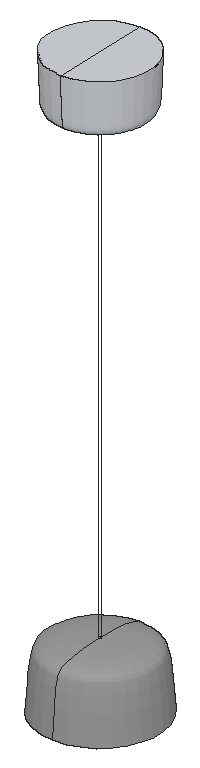
Revit family "Motus Pendant 180 BL 700 DALI 830 C2_Unhosted", category Lighting Fixtures, Revit 2016
Family settings
  Part Type = Normal
  Round Connector Dimension = Use Diameter
  OmniClass Number = 23.80.70.00
  OmniClass Title = Lighting
  Work Plane-Based = No
  Always vertical = Yes
  Cut with Voids When Loaded = No
  Light Source = Yes
  Shared = No
  Room Calculation Point = No
Parameters
  Wiring Accessories = ""
  Wattage Comments = ""
  Wattage = 7 W
  VoltageMax = 240 V
  built-in parameter 1150110 = 1 (stored number, unit not read)
  Voltage = 100 V
  UpdateDate = "02.03.2021 13:22:52"
  URL UK = "http://glamox.com/uk/products/Motus-Pendant"
  URL Sweden = "http://glamox.com/se/produkter/Motus-Pendant/items/MOT536695"
  URL Russia = "http://glamox.com/ru/products/Motus-Pendant/items/MOT536695"
  URL Other = "http://glamox.com/gsx/products/Motus-Pendant/items/MOT536695"
  URL Norway = "http://glamox.com/no/produkter/Motus-Pendant/items/MOT536695"
  URL Ireland = "http://glamox.com/ie/products/Motus-Pendant"
  URL Germany = "http://glamox.com/de/products/Motus-Pendant/items/MOT536695"
  URL Finland = "http://glamox.com/fi/products/Motus-Pendant/items/MOT536695"
  URL Estonia = "http://glamox.com/ee/products/Motus-Pendant"
  URL Denmark = "http://glamox.com/dk/produkter/Motus-Pendant/items/MOT536695"
  URL = ""
  TypeOfEmergency = ""
  TypeOfBallast = "DALI"
  TotalWattage = 7 W
  Total Load = 7 W
  built-in parameter 1114217 = 1 (stored number, unit not read)
  Tilt Angle = 90.00°
  Termination = ""
  built-in parameter 1150109 = 1 (stored number, unit not read)
  built-in parameter 1150134 = 3
  built-in parameter 1150113 = 1 (stored number, unit not read)
  Specification = "Architectural luminaries, for Pendant mounting, circular with diameter 180mm, IP20, light source LED, lumen out 648lm, ballast type DALI."
  Remark = ""
  RatedVoltage = 100 V
  Radius1 = 75 mm
  Radius = Diameter / 2  # 90 mm
  PowerFactor = 98.00%
  Power Factor = 0.98
  Plug Type = ""
  Photometric Web File = "MOTUS-PENDANT-180-700-830.ies"
  Optic = ""
  Number of Poles = 1
  NominalFrequencyRange = 50 Hz
  ModelReference = "Motus Pendant"
  ModelLabel = "Motus Pendant 180 BL 700 DALI 830 C2"
  Maximum TA = 25
  MaintenanceFactor = 0
  MFArtNo = "MOT536695"
  built-in parameter 1150105 = 51.566 (stored number, unit not read)
  Lumens = 648 lm
  built-in parameter 1150115 = 1 (stored number, unit not read)
  LumDiameter = 180 mm
  Load Classification [instance] = Lighting
  LightFixturePlacingType = "CEILING"
  LightFixtureMountingType = "SUSPENDED"
  built-in parameter 1150137 = (empty or 0)
  built-in parameter 1150139 = (empty or 0)
  LampBase = ""
  Lamp Wattage Comments = ""
  built-in parameter 1150112 = 1 (stored number, unit not read)
  built-in parameter 1150114 = 1 (stored number, unit not read)
  built-in parameter 1150132 = (empty or 0)
  built-in parameter 1150102 = (empty or 0)
  built-in parameter 1150107 = 3200 (stored number, unit not read)
  built-in parameter 1150138 = (empty or 0)
  built-in parameter 1150106 = 0.51566 (stored number, unit not read)
  IP_Code = "20"
  IPClass = "20"
  IK_Code = ""
  IFC Classification = "Light Fixture"
  Height = 100 mm
  GlobalTradeItemNumber = "4741145366953"
  Glamox Mounting = "Pendant"
  Glamox Family = "Motus Pendant"
  Glamox Category = "Architectural"
  FrequencyMax = 60 Hz
  Frequency = 50 Hz
  Expired = "0"
  Emit from Circle Diameter = Diameter - 15 mm  # 165 mm
  Emit Shape Visible in Rendering = yes
  built-in parameter 1150104 = 8.6002 (stored number, unit not read)
  ELNo Norway = ""
  ELNo Finland = ""
  EANNo = "4741145366953"
  DurationInBatteryMode = ""
  DistanceFromCeiling = 900 mm
  Dimming Lamp Color Temperature Shift = <None>
  Decor visible = yes
  Model = "A50 57HF TC-TEL"
  Manufacturer = "Glamox"
  Lamp = "LED"
  Description = "Motus Pendant 180 BL 700 DALI 830 C2"
  Cut Out = ""
  Completion = ""
  Color Filter = 16777215
  Glamox Metal = Glamox Metal
  Diameter = 180 mm
  Body Material and Colour = none
  built-in parameter 1114218 = 1 (stored number, unit not read)
  built-in parameter 1150133 = 10 (stored number, unit not read)
  Assembly Code = ""
  ArticleNumber = "MOT536695"
  Apparent Load = Total Load / Power Factor  # 7.14286 VA
Reference planes
  plane 1 "Light Source Axis (F/B)": y = 108.961
  plane 2: z = 0
  plane 3 "Light Source Axis (L/R)": x = 3.006
  plane 4 "Light Source Elevation": z = 0
  plane 5 "Top": z = 100
  plane 6: z = 900
  plane 7: z = 821
  plane 8: y = 183.961
  plane 9: y = 198.961
Forms (mm)
  Revolve 1, solid
    sketch origin (3.006, 0, 0) x (0, 1, 0) y (0, 0, 1)
      loop
        line (108.961, 900) -> (108.961, 821)
        spline (108.961, 821) -> (127.46, 821) -> (140.196, 821) -> (150.536, 821) -> (160.773, 821.132) -> (169.884, 821.935) -> (176.26, 824.024) -> (179.593, 827.953) -> (180.948, 834.21) -> (181.45, 843.284) -> (181.943, 856.087) -> (182.708, 874.374) -> (183.961, 900)
        line (183.961, 900) -> (108.961, 900)
      axis (108.961, 900) -> (108.961, 821)
    angle from 0 to 360
  Revolve 2, solid
    sketch origin (3.006, 0, 0) x (0, 1, 0) y (0, 0, 1)
      loop
        line (108.961, 100) -> (108.961, 0) -> (198.961, 0)
        spline (198.961, 0) -> (197.649, 18.576) -> (196.542, 33.197) -> (195.46, 45.391) -> (194.298, 56.091) -> (193.121, 64.89) -> (192.005, 71.332) -> (190.902, 76.354) -> (189.639, 81.682) -> (185.984, 87.862) -> (174.848, 93.79) -> (150.939, 98.244) -> (108.961, 100)
      axis (108.961, 100) -> (108.961, 0)
    angle from 0 to 360
  Extrusion 3, solid, material "Glamox Glass Mat"
    sketch origin (0, 0, 0) x (0, -1, 0) y (1, 0, 0)
      loop
        circle (-108.961, 3.006) r 2.01
    from 100 to 821
Lines and regions (mm)
  symbolic lines
    curve 1: arc (3.006, 198.961, 0) -> (93.006, 108.961, 0) -> (3.006, 18.961, 0) r 90
    curve 2: arc (3.006, 18.961, 0) -> (-86.994, 108.961, 0) -> (3.006, 198.961, 0) r 90
    curve 3: circle (3.006, 108.961, 0) r 10 normal (0, 0, -1)
    curve 4: line (3.006, 108.961, 0) -> (66.646, 172.6, 0)
    curve 5: line (3.006, 108.961, 0) -> (66.646, 45.321, 0)
    curve 6: line (3.006, 108.961, 0) -> (-60.634, 45.321, 0)
    curve 7: line (3.006, 108.961, 0) -> (-60.634, 172.6, 0)
Dimensions and locks
  locked: plane 5 "Top" to level at 100
  locked: plane 8 to plane 1 "Light Source Axis (F/B)" at 75
  locked: plane 6 to plane 7 at 79
  "DistanceFromCeiling": plane 6 to level
  "Radius": plane 9 to plane 1 "Light Source Axis (F/B)"
  locked: plane 1 "Light Source Axis (F/B)" to curve 4 (angle 45.00°)
  locked: curve 5 to plane 1 "Light Source Axis (F/B)" (angle 45.00°)
  locked: curve 6 to plane 1 "Light Source Axis (F/B)" (angle 135.00°)
  locked: curve 4 to curve 7 (angle 90.00°)
  aligned and locked: plane 3 "Light Source Axis (L/R)" to imposter light
  aligned and locked: plane 4 "Light Source Elevation" to level
  aligned and locked: plane 6 to Revolve 1 sketch curve
  aligned and locked: Revolve 1 sketch curve to plane 1 "Light Source Axis (F/B)"  (x2)
  aligned and locked: Revolve 2 sketch curve to plane 1 "Light Source Axis (F/B)"
  aligned and locked: plane 7 to Extrusion 3
  aligned and locked: Extrusion 3 to plane 5 "Top"
  aligned and locked: curve 1 to Revolve 2
  aligned and locked: curve 2 to Revolve 2
  aligned and locked: imposter light to plane 1 "Light Source Axis (F/B)"
  aligned and locked: level to imposter light
Automatic sketch dimensions
  plane 1 "Light Source Axis (F/B)" to Extrusion 3 sketch curve = 0 mm
  Extrusion 3 sketch curve to plane 3 "Light Source Axis (L/R)" = 0 mm
  curve 1 to curve 3 = 0 mm  (x2)
  plane 1 "Light Source Axis (F/B)" to curve 7 = 0 mm
  curve 4 to plane 3 "Light Source Axis (L/R)" = 0 mm
  Revolve 2 sketch curve to level = 0 mm
  Revolve 2 sketch curve to plane 1 "Light Source Axis (F/B)" = 0 mm
  Revolve 2 sketch curve to plane 9 = 0 mm
  Revolve 2 sketch curve to plane 5 "Top" = 0 mm
  Revolve 2 sketch curve to level = 1093.548 mm
  Revolve 2 sketch curve to plane 6 = 1734.982 mm
  Revolve 1 sketch curve to plane 8 = 0 mm
  Revolve 1 sketch curve to plane 7 = 0 mm
  Revolve 1 sketch curve to level = 1093.548 mm
  Revolve 1 sketch curve to Revolve 1 sketch curve = 1734.982 mm
  radius of Extrusion 3 sketch curve = 2.01 mm
  radius of curve 3 = 10 mm
Connectors
  electrical at (3.006, 108.961, 900), driven by "Load Classification", driven by "Voltage", driven by "Apparent Load", driven by "Power Factor"
    settings: on Revolve 1, index 1, voltage 100 V, apparent load 0 VA, apparent load phase1 7.14286 VA, apparent load phase2 0 VA, apparent load phase3 0 VA, power factor 0.98, load classification "Lighting", number of poles 1, system type 31, power factor state 1, is connector primary yes, connector utility no, sub classification motor no, connector description ""
